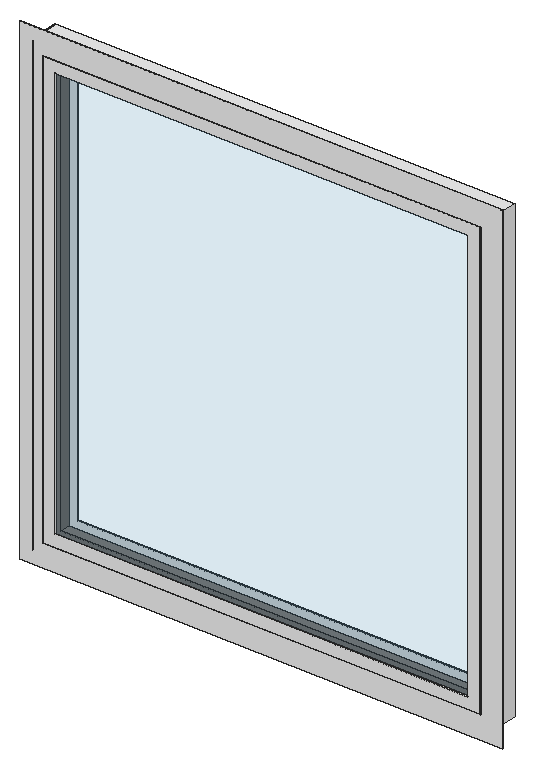
Revit family "Casement_30.5_D_Top_Hung_Standard", category Windows, host Wall, Revit 2014
Parameters (values of type "Casement_Sash_DG")
  Width Sash [instance] = 30 mm
  Width Sash Inner = 15 mm
  Width Bead = 15 mm
  Top Hung [instance] = yes
  Side Hung Right [instance] = yes
  Side Hung Left [instance] = yes
  Sash Opening Width [instance] = 600 mm
  Sash Opening Height [instance] = 600.312 mm
  Sash Lip = 15 mm
  Glazing Material [instance] = Glass
  DG Start Piece 2 [instance] = DG End Piece 1 + DG Gasket Thickness  # 25 mm
  DG Start Peice 1 [instance] = (Depth Sash - (2 * DG Glazing Thickness) - DG Gasket Thickness) / 2  # 6.6 mm
  Glazing Offset = 5 mm
  DG Glazing Thickness [instance] = 6.4 mm
  DG Gasket Thickness = 12 mm  # constant formula
  DG Gasket Material [instance] = Double Glazing Gasket Material
  DG End Piece 2 [instance] = DG Start Piece 2 + DG Glazing Thickness  # 31.4 mm
  DG End Piece 1 [instance] = DG Start Peice 1 + DG Glazing Thickness  # 13 mm
  Depth Sash [instance] = 38 mm
  Center Vertical Sash [instance] = Sash Opening Height / 2  # 300.156 mm
  Center Horizontal Sash [instance] = Sash Opening Width / 2  # 300 mm
  Bottom Hung [instance] = yes
  Bead Offset = 15 mm
  Aluminium Thickness = 1 mm
  Aluminium Material [instance] = White Powder Coated Aluminium
Reference planes
  plane 1 "Center (Front/Back)": y = 0
  plane 2: z = 0
  plane 3 "Center (Left/Right)": x = 0
Forms (mm)
  Sweep 1, solid, material "White Powder Coated Aluminium" <- "Aluminium Material"
    path origin (16.177, 0, 121.331) x (1, 0, 0) y (0, 0, 1)
      loop
        line (0, 0) -> (600, 0) -> (600, 600.312) -> (0, 600.312) -> (0, 0)
    profile origin (316.177, 0, 121.331) x (0, 0, 1) y (0, -1, 0)
      loop
        line (0, 0) -> (30, 0) -> (30, 1) -> (15, 1) -> (15, 38) -> (-15, 38) -> (-15, 37) -> (0, 37) -> (0, 0)
      loop
        line (14, 1) -> (14, 37) -> (1, 37) -> (1, 1) -> (14, 1)
  Sweep 2, solid, material "White Powder Coated Aluminium" <- "Aluminium Material"
    path origin (0, 0, 0) x (1, 0, 0) y (0, 0, 1)
      loop
        line (31.177, 706.643) -> (31.177, 136.331) -> (601.177, 136.331) -> (601.177, 706.643) -> (31.177, 706.643)
    profile origin (316.177, 0, 706.643) x (0, 0, 1) y (0, -1, 0)
      loop
        line (0, 37) -> (0, 38) -> (-15, 38) -> (-15, 37) -> (0, 37)
  Extrusion 3, solid, material "Glass" <- "Glazing Material"
    sketch origin (0, 0, 0) x (1, 0, 0) y (0, 0, 1)
      loop
        line (36.177, 701.643) -> (36.177, 141.331) -> (596.177, 141.331) -> (596.177, 701.643) -> (36.177, 701.643)
    from 6.6 <- "DG Start Peice 1" to 13 <- "DG End Piece 1"
  Extrusion 4, solid, material "Glass" <- "Glazing Material"
    sketch origin (0, 0, 0) x (1, 0, 0) y (0, 0, 1)
      loop
        line (36.177, 701.643) -> (36.177, 141.331) -> (596.177, 141.331) -> (596.177, 701.643) -> (36.177, 701.643)
    from 31.4 <- "DG End Piece 2" to 25 <- "DG Start Piece 2"
  Sweep 5, solid, material "Double Glazing Gasket Material" <- "DG Gasket Material"
    path origin (0, -13, 0) x (1, 0, 0) y (0, 0, 1)
      loop
        line (36.177, 701.643) -> (36.177, 141.331) -> (596.177, 141.331) -> (596.177, 701.643) -> (36.177, 701.643)
    profile origin (316.177, -13, 701.643) x (0, 0, 1) y (0, -1, 0)
      loop
        line (0, 0) -> (0, 12) -> (-7.96, 12) -> (-7.96, 0) -> (0, 0)
Lines and regions (mm)
  model lines
    curve 1: line (1.177, -38, 736.643) -> (31.177, -38, 706.643)
    curve 2: line (601.177, -38, 706.643) -> (631.177, -38, 736.643)
    curve 3: line (601.177, -38, 136.331) -> (631.177, -38, 106.331)
    curve 4: line (1.177, -38, 106.331) -> (31.177, -38, 136.331)
    curve 5: line (631.177, -37, 736.643) -> (616.177, -37, 721.643)
    curve 6: line (1.177, -37, 736.643) -> (16.177, -37, 721.643)
    curve 7: line (1.177, -37, 106.331) -> (16.177, -37, 121.331)
    curve 8: line (631.177, -37, 106.331) -> (616.177, -37, 121.331)
    curve 9: line (616.177, 0, 121.331) -> (586.177, 0, 151.331)
    curve 10: line (46.177, 0, 151.331) -> (16.177, 0, 121.331)
    curve 11: line (616.177, 0, 721.643) -> (586.177, 0, 691.643)
    curve 12: line (46.177, 0, 691.643) -> (16.177, 0, 721.643)
    curve 13: line (31.177, -38, 691.643) -> (46.177, -38, 691.643)
    curve 14: line (586.177, -38, 691.643) -> (601.177, -38, 691.643)
    curve 15: line (586.177, -38, 151.331) -> (601.177, -38, 151.331)
    curve 16: line (31.177, -38, 151.331) -> (46.177, -38, 151.331)
  model lines, style "GenericModelHiddenLines", visible <- "Top Hung"
    curve 17: line (46.386, -31.4, 690.914) -> (316.177, -31.4, 151.331)
    curve 18: line (316.177, -31.4, 151.331) -> (586.177, -31.4, 691.331)
  model lines, style "GenericModelHiddenLines", visible <- "Bottom Hung"
    curve 19: line (46.177, -31.4, 151.331) -> (316.177, -31.4, 691.331)
    curve 20: line (316.177, -31.4, 691.331) -> (586.177, -31.4, 151.331)
  model lines, style "GenericModelHiddenLines", visible <- "Side Hung Left"
    curve 21: line (46.386, -31.4, 690.914) -> (585.24, -31.4, 421.487)
    curve 22: line (585.24, -31.4, 421.487) -> (46.177, -31.4, 151.331)
  model lines, style "GenericModelHiddenLines", visible <- "Side Hung Right"
    curve 23: line (586.177, -31.4, 691.331) -> (46.177, -31.4, 421.487)
    curve 24: line (46.177, -31.4, 421.487) -> (586.177, -31.4, 151.331)
Dimensions and locks
  "Aluminium Thickness": Sweep 1 sketch curve to Sweep 1 sketch curve  (x4)
  "Depth Sash": Sweep 1 sketch curve to Sweep 1 sketch curve
  "Sash Opening Width": Sweep 1 to Sweep 1
  "Sash Opening Height": Sweep 1 to Sweep 1
  "Width Sash": Sweep 1 sketch curve to Sweep 1 sketch curve  (x2)
  "Width Sash Inner": Sweep 1 sketch curve to Sweep 1 sketch curve
  "Sash Lip": Sweep 1 sketch curve to Sweep 1 sketch curve
  "Aluminium Thickness": Sweep 1 to Sweep 2 sketch curve
  "Glazing Offset": Sweep 2 to Extrusion 3 sketch curve  (x3)
  "Glazing Offset": Extrusion 3 sketch curve to Sweep 2
  Sweep 1 to Sweep 1 = 1 mm
  "Aluminium Thickness": Sweep 2 sketch curve to Sweep 2 sketch curve
  "Width Bead": Sweep 2 sketch curve to Sweep 2 sketch curve
  locked: Sweep 5 sketch curve to Sweep 5 sketch curve at 7.96
  "Center Horizontal Sash": Sweep 1 to curve 18
  "Center Horizontal Sash": Sweep 1 to curve 20
  "Center Vertical Sash": Sweep 1 to curve 22
  "Center Vertical Sash": Sweep 1 to curve 24
  aligned and locked: level to plane 2
  aligned and locked: Sweep 1 sketch curve to Sweep 1 sketch curve  (x2)
  aligned and locked: Sweep 2 sketch curve to Sweep 1  (x5)
  aligned and locked: Extrusion 4 sketch curve to Extrusion 3  (x4)
  aligned and locked: Sweep 5 sketch curve to Extrusion 3  (x5)
  aligned and locked: Extrusion 3 to Sweep 5 sketch curve
Automatic sketch dimensions
  plane 3 "Center (Left/Right)" to Sweep 1 sketch curve = 16.177 mm
  level to Sweep 1 sketch curve = 121.331 mm
  plane 3 "Center (Left/Right)" to Sweep 1 sketch curve = 616.177 mm
  level to Sweep 1 sketch curve = 721.643 mm
  profile plane to Sweep 5 sketch curve = 12 mm
  curve 7 to Sweep 1 = 0 mm  (x4)
  curve 6 to Sweep 1 = 0 mm  (x3)
  Sweep 1 to curve 6 = 0 mm
  curve 5 to Sweep 1 = 0 mm  (x3)
  curve 8 to Sweep 1 = 0 mm  (x4)
  Sweep 1 to curve 5 = 0 mm
  curve 16 to Sweep 2 = 0 mm  (x3)
  curve 13 to Sweep 2 = 0 mm  (x3)
  curve 15 to Sweep 2 = 0 mm
  Sweep 2 to curve 15 = 0 mm  (x2)
  curve 14 to Sweep 2 = 0 mm  (x2)
  Sweep 2 to curve 14 = 0 mm
  curve 1 to Sweep 1 = 0 mm  (x4)
  curve 4 to Sweep 1 = 0 mm  (x3)
  Sweep 1 to curve 4 = 0 mm
  curve 3 to Sweep 1 = 0 mm  (x3)
  curve 2 to Sweep 1 = 0 mm  (x4)
  Sweep 1 to curve 3 = 0 mm
  curve 10 to Sweep 1 = 0 mm  (x4)
  curve 12 to Sweep 1 = 0 mm  (x3)
  Sweep 1 to curve 12 = 0 mm
  curve 9 to Sweep 1 = 0 mm  (x4)
  curve 11 to Sweep 1 = 0 mm  (x3)
  Sweep 1 to curve 11 = 0 mm
  Sweep 1 sketch curve to plane 1 "Center (Front/Back)" = 0 mm
  profile plane to Sweep 1 sketch curve = 0 mm
  curve 21 to Extrusion 4 = 10.208 mm
  curve 19 to Extrusion 4 = 10 mm
  curve 23 to Extrusion 4 = 10 mm  (x2)
  curve 22 to Extrusion 4 = 10.937 mm
  curve 20 to Extrusion 4 = 10 mm
  curve 24 to Extrusion 4 = 10 mm
  curve 22 to Extrusion 4 = 10 mm
  curve 18 to Extrusion 4 = 10 mm
  curve 21 to Extrusion 4 = 10.729 mm
  curve 19 to Extrusion 4 = 10.312 mm
  curve 18 to Extrusion 4 = 10.312 mm
Types in the file's own list only (12): name | Windload Design | Width Sash Opening | Width Sash | Width Profile | Width Panel 3 | Width Panel 1 | Width | URL | Offset Window Exterior | Max System DG Unit Thickness | Max System DG One Piece Thickness | Max Pane Area | Limit Fixed Pane Height Min | Limit Fixed Pane Height Max | Intruderprufe U Value | Intruderprufe SHGC Value | Intruderprufe LowE U Value | Intruderprufe LowE SHGC Value | Height | Energy Advantage U Value | Energy Advantage SHGC Value | DG Thickness Calc | DG Thickness | Custom Window Width | Custom Window Height | Window Exterior Offset | Custom Windload | User Sash Width | Custom Sash Height | Sash Spacing Inner | Sash Overlap | Sash Center Offset | SG Gasket Thickness | Offset Sash Left | Offset Sash Top | Offset Panel 3 Bead Top | Offset Transom Top | Offset Bead SG Center Reversed | Model | Manufacturer | Limit Window Width Min | Limit Window Width Max | Limit Window Height Min | Limit Window Height Max | Limit Sash Width Min | Limit Sash Width Max | Limit Sash Height Min | Limit Sash Height Max | Length Transom | Height Sash Opening | Height Sash | Height Panel 3 | Height Panel 1 | Double Glazing | Description | Frame Center Offset | Depth Bead | Default Sill Height | Wall Closure | DG Gasket Finish | DG Extrusion Start | Clearvue U Value | Clearvue SHGC Value | Casement Dimension | Bottom Hung | Bead SG Gap | Area Pane Top | Area Pane Bottom
  305-0609T-1000Pa | 1000 mm | 544 mm | 514 mm | 30 mm | 530 mm | 530 mm | 590 mm | "http://www.crealco.co.za/crealco-products.php" | 15 mm | 18 mm | 3 mm | 0.23 m² | 200 mm | 1800 mm | 6.04 | 0.493 | 4.87 | 0.441 | 890 mm | 4.98 | 0.465 | 3 mm | 3 mm | 590 mm | 890 mm | 0 mm | 1000 mm | 544 mm | 554 mm | 8 mm | 7 mm | 12 mm | 6 mm | 23 mm | 23 mm | 600 mm | 570 mm | 15 mm | "Casement 30.5" | "Crealco" | 346 mm | 1046 mm | 830 mm | 2430 mm | 300 mm | 1000 mm | 300 mm | 750 mm | 530 mm | 554 mm | 524 mm | 260 mm | 540 mm | No | "Window 30.5mm, Type D top hung" | 15 mm | 17 mm | 800 mm | By host | Double Glazing Gasket Material | 5 mm | 6.18 | 0.518 | 31 mm | No | 13 mm | 0.23 m² | 0.13 m²
  305-0909T-1000Pa | 1000 mm | 844 mm | 814 mm | 30 mm | 830 mm | 830 mm | 890 mm | "http://www.crealco.co.za/crealco-products.php" | 15 mm | 18 mm | 3 mm | 0.37 m² | 200 mm | 1800 mm | 6 | 0.537 | 4.7 | 0.478 | 890 mm | 4.81 | 0.506 | 3 mm | 3 mm | 890 mm | 890 mm | 0 mm | 1000 mm | 844 mm | 554 mm | 8 mm | 7 mm | 12 mm | 6 mm | 23 mm | 23 mm | 600 mm | 570 mm | 15 mm | "Casement 30.5" | "Crealco" | 346 mm | 1046 mm | 830 mm | 2430 mm | 300 mm | 1000 mm | 300 mm | 750 mm | 830 mm | 554 mm | 524 mm | 260 mm | 540 mm | No | "Window 30.5mm, Type D top hung" | 15 mm | 17 mm | 800 mm | By host | Double Glazing Gasket Material | 5 mm | 6.14 | 0.564 | 31 mm | No | 13 mm | 0.37 m² | 0.21 m²
  305-0612T-1000Pa | 1000 mm | 544 mm | 514 mm | 30 mm | 530 mm | 530 mm | 590 mm | "http://www.crealco.co.za/crealco-products.php" | 15 mm | 18 mm | 3 mm | 0.29 m² | 200 mm | 1800 mm | 5.99 | 0.539 | 4.68 | 0.48 | 1190 mm | 4.79 | 0.508 | 3 mm | 3 mm | 590 mm | 1190 mm | 0 mm | 1000 mm | 544 mm | 554 mm | 8 mm | 7 mm | 12 mm | 6 mm | 23 mm | 23 mm | 600 mm | 570 mm | 15 mm | "Casement 30.5" | "Crealco" | 346 mm | 1046 mm | 830 mm | 2430 mm | 300 mm | 1000 mm | 300 mm | 750 mm | 530 mm | 554 mm | 524 mm | 560 mm | 540 mm | No | "Window 30.5mm, Type D top hung" | 15 mm | 17 mm | 800 mm | By host | Double Glazing Gasket Material | 5 mm | 6.12 | 0.566 | 31 mm | No | 13 mm | 0.23 m² | 0.29 m²
  305-0912T-1000Pa | 1000 mm | 844 mm | 814 mm | 30 mm | 830 mm | 830 mm | 890 mm | "http://www.crealco.co.za/crealco-products.php" | 15 mm | 18 mm | 3 mm | 0.45 m² | 200 mm | 1800 mm | 5.95 | 0.583 | 4.51 | 0.517 | 1190 mm | 4.62 | 0.549 | 3 mm | 3 mm | 890 mm | 1190 mm | 0 mm | 1000 mm | 844 mm | 554 mm | 8 mm | 7 mm | 12 mm | 6 mm | 23 mm | 23 mm | 600 mm | 570 mm | 15 mm | "Casement 30.5" | "Crealco" | 346 mm | 1046 mm | 830 mm | 2430 mm | 300 mm | 1000 mm | 300 mm | 750 mm | 830 mm | 554 mm | 524 mm | 560 mm | 540 mm | No | "Window 30.5mm, Type D top hung" | 15 mm | 17 mm | 800 mm | By host | Double Glazing Gasket Material | 5 mm | 6.09 | 0.613 | 31 mm | No | 13 mm | 0.37 m² | 0.45 m²
  305-0609T-1500Pa | 1500 mm | 544 mm | 514 mm | 30 mm | 530 mm | 530 mm | 590 mm | "http://www.crealco.co.za/crealco-products.php" | 15 mm | 18 mm | 3 mm | 0.23 m² | 200 mm | 1800 mm | 6.04 | 0.493 | 4.87 | 0.441 | 890 mm | 4.98 | 0.465 | 3 mm | 3 mm | 590 mm | 890 mm | 0 mm | 1500 mm | 544 mm | 554 mm | 8 mm | 7 mm | 12 mm | 6 mm | 23 mm | 23 mm | 600 mm | 570 mm | 15 mm | "Casement 30.5" | "Crealco" | 346 mm | 1046 mm | 830 mm | 2430 mm | 300 mm | 1000 mm | 300 mm | 750 mm | 530 mm | 554 mm | 524 mm | 260 mm | 540 mm | No | "Window 30.5mm, Type D top hung" | 15 mm | 17 mm | 800 mm | By host | Double Glazing Gasket Material | 5 mm | 6.18 | 0.518 | 31 mm | No | 13 mm | 0.23 m² | 0.13 m²
  305-0609T-2000Pa | 2000 mm | 544 mm | 514 mm | 30 mm | 530 mm | 530 mm | 590 mm | "http://www.crealco.co.za/crealco-products.php" | 15 mm | 18 mm | 3 mm | 0.23 m² | 200 mm | 1800 mm | 6.04 | 0.493 | 4.87 | 0.441 | 890 mm | 4.98 | 0.465 | 3 mm | 3 mm | 590 mm | 890 mm | 0 mm | 2000 mm | 544 mm | 554 mm | 8 mm | 7 mm | 12 mm | 6 mm | 23 mm | 23 mm | 600 mm | 570 mm | 15 mm | "Casement 30.5" | "Crealco" | 346 mm | 1046 mm | 830 mm | 2430 mm | 300 mm | 1000 mm | 300 mm | 750 mm | 530 mm | 554 mm | 524 mm | 260 mm | 540 mm | No | "Window 30.5mm, Type D top hung" | 15 mm | 17 mm | 800 mm | By host | Double Glazing Gasket Material | 5 mm | 6.18 | 0.518 | 31 mm | No | 13 mm | 0.23 m² | 0.13 m²
  305-0612T-1500Pa | 1500 mm | 544 mm | 514 mm | 30 mm | 530 mm | 530 mm | 590 mm | "http://www.crealco.co.za/crealco-products.php" | 15 mm | 18 mm | 3 mm | 0.29 m² | 200 mm | 1800 mm | 5.99 | 0.539 | 4.68 | 0.48 | 1190 mm | 4.79 | 0.508 | 3 mm | 3 mm | 590 mm | 1190 mm | 0 mm | 1500 mm | 544 mm | 554 mm | 8 mm | 7 mm | 12 mm | 6 mm | 23 mm | 23 mm | 600 mm | 570 mm | 15 mm | "Casement 30.5" | "Crealco" | 346 mm | 1046 mm | 830 mm | 2430 mm | 300 mm | 1000 mm | 300 mm | 750 mm | 530 mm | 554 mm | 524 mm | 560 mm | 540 mm | No | "Window 30.5mm, Type D top hung" | 15 mm | 17 mm | 800 mm | By host | Double Glazing Gasket Material | 5 mm | 6.12 | 0.566 | 31 mm | No | 13 mm | 0.23 m² | 0.29 m²
  305-0612T-2000Pa | 2000 mm | 544 mm | 514 mm | 30 mm | 530 mm | 530 mm | 590 mm | "http://www.crealco.co.za/crealco-products.php" | 15 mm | 18 mm | 3 mm | 0.29 m² | 200 mm | 1800 mm | 5.99 | 0.539 | 4.68 | 0.48 | 1190 mm | 4.79 | 0.508 | 3 mm | 3 mm | 590 mm | 1190 mm | 0 mm | 2000 mm | 544 mm | 554 mm | 8 mm | 7 mm | 12 mm | 6 mm | 23 mm | 23 mm | 600 mm | 570 mm | 15 mm | "Casement 30.5" | "Crealco" | 346 mm | 1046 mm | 830 mm | 2430 mm | 300 mm | 1000 mm | 300 mm | 750 mm | 530 mm | 554 mm | 524 mm | 560 mm | 540 mm | No | "Window 30.5mm, Type D top hung" | 15 mm | 17 mm | 800 mm | By host | Double Glazing Gasket Material | 5 mm | 6.12 | 0.566 | 31 mm | No | 13 mm | 0.23 m² | 0.29 m²
  305-0909T-1500Pa | 1500 mm | 844 mm | 814 mm | 30 mm | 830 mm | 830 mm | 890 mm | "http://www.crealco.co.za/crealco-products.php" | 15 mm | 18 mm | 3 mm | 0.37 m² | 200 mm | 1800 mm | 6 | 0.537 | 4.7 | 0.478 | 890 mm | 4.81 | 0.506 | 3 mm | 3 mm | 890 mm | 890 mm | 0 mm | 1500 mm | 844 mm | 554 mm | 8 mm | 7 mm | 12 mm | 6 mm | 23 mm | 23 mm | 600 mm | 570 mm | 15 mm | "Casement 30.5" | "Crealco" | 346 mm | 1046 mm | 830 mm | 2430 mm | 300 mm | 1000 mm | 300 mm | 750 mm | 830 mm | 554 mm | 524 mm | 260 mm | 540 mm | No | "Window 30.5mm, Type D top hung" | 15 mm | 17 mm | 800 mm | By host | Double Glazing Gasket Material | 5 mm | 6.14 | 0.564 | 31 mm | No | 13 mm | 0.37 m² | 0.21 m²
  305-0909T-2000Pa | 2000 mm | 844 mm | 814 mm | 30 mm | 830 mm | 830 mm | 890 mm | "http://www.crealco.co.za/crealco-products.php" | 15 mm | 18 mm | 3 mm | 0.37 m² | 200 mm | 1800 mm | 6 | 0.537 | 4.7 | 0.478 | 890 mm | 4.81 | 0.506 | 3 mm | 3 mm | 890 mm | 890 mm | 0 mm | 2000 mm | 844 mm | 554 mm | 8 mm | 7 mm | 12 mm | 6 mm | 23 mm | 23 mm | 600 mm | 570 mm | 15 mm | "Casement 30.5" | "Crealco" | 346 mm | 1046 mm | 830 mm | 2430 mm | 300 mm | 1000 mm | 300 mm | 750 mm | 830 mm | 554 mm | 524 mm | 260 mm | 540 mm | No | "Window 30.5mm, Type D top hung" | 15 mm | 17 mm | 800 mm | By host | Double Glazing Gasket Material | 5 mm | 6.14 | 0.564 | 31 mm | No | 13 mm | 0.37 m² | 0.21 m²
  305-0912T-1500Pa | 1500 mm | 844 mm | 814 mm | 30 mm | 830 mm | 830 mm | 890 mm | "http://www.crealco.co.za/crealco-products.php" | 15 mm | 18 mm | 3 mm | 0.45 m² | 200 mm | 1800 mm | 5.95 | 0.583 | 4.51 | 0.517 | 1190 mm | 4.62 | 0.549 | 3 mm | 3 mm | 890 mm | 1190 mm | 0 mm | 1500 mm | 844 mm | 554 mm | 8 mm | 7 mm | 12 mm | 6 mm | 23 mm | 23 mm | 600 mm | 570 mm | 15 mm | "Casement 30.5" | "Crealco" | 346 mm | 1046 mm | 830 mm | 2430 mm | 300 mm | 1000 mm | 300 mm | 750 mm | 830 mm | 554 mm | 524 mm | 560 mm | 540 mm | No | "Window 30.5mm, Type D top hung" | 15 mm | 17 mm | 800 mm | By host | Double Glazing Gasket Material | 5 mm | 6.09 | 0.613 | 31 mm | No | 13 mm | 0.37 m² | 0.45 m²
  305-0912T-2000Pa | 2000 mm | 844 mm | 814 mm | 30 mm | 830 mm | 830 mm | 890 mm | "http://www.crealco.co.za/crealco-products.php" | 15 mm | 18 mm | 3 mm | 0.45 m² | 200 mm | 1800 mm | 5.95 | 0.583 | 4.51 | 0.517 | 1190 mm | 4.62 | 0.549 | 3 mm | 3 mm | 890 mm | 1190 mm | 0 mm | 2000 mm | 844 mm | 554 mm | 8 mm | 7 mm | 12 mm | 6 mm | 23 mm | 23 mm | 600 mm | 570 mm | 15 mm | "Casement 30.5" | "Crealco" | 346 mm | 1046 mm | 830 mm | 2430 mm | 300 mm | 1000 mm | 300 mm | 750 mm | 830 mm | 554 mm | 524 mm | 560 mm | 540 mm | No | "Window 30.5mm, Type D top hung" | 15 mm | 17 mm | 800 mm | By host | Double Glazing Gasket Material | 5 mm | 6.09 | 0.613 | 31 mm | No | 13 mm | 0.37 m² | 0.45 m²
